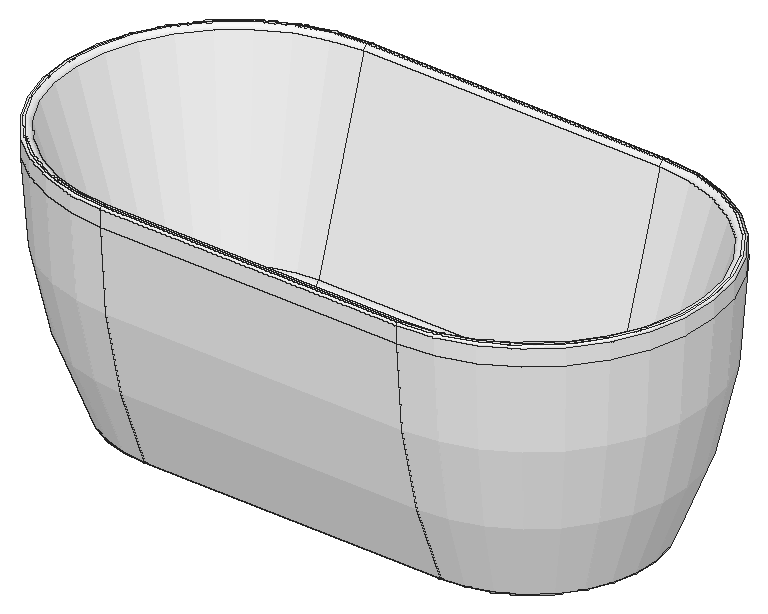
Revit family "Plum Fix_Bath_Argent_Nova 1500 Oval Freestanding", category Plumbing Fixtures, Revit 2016
Family settings
  Part Type = Normal
  Round Connector Dimension = Use Diameter
  OmniClass Number = 23.45.05.14.21
  OmniClass Title = Bathtubs
  Work Plane-Based = No
  Always vertical = Yes
  Cut with Voids When Loaded = Yes
  Shared = No
  Room Calculation Point = No
Parameters (values of type "White")
  Waste Connection = yes
  WFU = 0
  Vent Connection = no
  URL = "https://www.argentaust.com.au/"
  Type Comments = "White Gloss Finish"
  ModifiedIssue_ANZRS = 20190503
  Model = "FS836815"  # constant formula
  Manufacturer_URL__Product Specific = "https://www.argentaust.com.au/argent-baths-freestanding-nova-1500-oval-freestanding-bath?item=9903"
  Manufacturer_Spec Code = Model  # "FS836815"
  Manufacturer_Overall Width = 1500 mm  # constant formula
  Manufacturer_Overall Height = 600 mm  # constant formula
  Manufacturer_Overall Depth = 800 mm  # constant formula
  Manufacturer_Height From FFL [instance] = 0 mm
  Manufacturer = "Argent"  # constant formula
  Keynote = ""
  HWFU = 0
  HW Connection = no
  Description = "Nova 1500 Oval FS Bath N OF"  # constant formula
  CreatedBy_ANZRS = "IGS BIM Solutions"  # constant formula
  CreatedByURL_ANZRS = "https://igsgroup.com.au/"
  Cost = 0
  CWFU = 0
  CW Connection = no
  Body Material = z_Argent_Ceramic White
  Assembly Code = ""
Reference planes
  plane 1 "Ref. Level": z = 0
  plane 2 "Center (Left/Right)": x = -4.48
  plane 3 "Left": x = -754.48
  plane 4 "Right": x = 745.52
  plane 5 "Center (Front/Back)": y = -400.5
  plane 6 "Back": y = -0.5
  plane 7 "Bottom": z = 0
  plane 8 "Front": y = -800.5
  plane 9 "Top": z = 600
  plane 10 "Bottom Offset": z = 145
Forms (mm)
  Sweep 1, solid, material "z_Argent_Ceramic White" <- "Body Material"
    path origin (0, 0, 0) x (0, -1, 0) y (-1, 0, 0)
      loop
        line (0.5, 354.48) -> (0.5, -345.52)
        arc (0.5, -345.52) -> (400.5, -745.52) -> (800.5, -345.52) r 400
        line (800.5, -345.52) -> (800.5, 354.48)
        arc (800.5, 354.48) -> (400.5, 754.48) -> (0.5, 354.48) r 400
    profile origin (-4.48, -0.5, 0) x (0, 1, 0) y (0, 0, 1)
      loop
        line (-5, 600) -> (-9.474, 600)
        arc (-9.474, 600) -> (-17.901, 597.409) -> (-23.417, 590.532) r 15
        arc (-23.417, 590.532) -> (-98.084, 379.895) -> (-156.962, 164.311) r 3018.597
        arc (-156.962, 164.311) -> (-165.769, 150.414) -> (-181.306, 145) r 25
        line (-181.306, 145) -> (-300.786, 145) -> (-300.786, 0) -> (-133.592, 0)
        arc (-133.592, 0) -> (-130.951, 0.755) -> (-129.107, 2.791) r 5
        arc (-129.107, 2.791) -> (-32.703, 272.545) -> (0, 557.135) r 1254.645
        line (0, 557.135) -> (0, 595)
        arc (0, 595) -> (-1.464, 598.536) -> (-5, 600) r 5
  Extrusion 2, solid, material "z_Argent_Ceramic White" <- "Body Material"
    sketch origin (0, 0, 0) x (0, -1, 0) y (1, 0, 0)
      loop
        line (499.714, -354.48) -> (499.714, 345.52)
        arc (499.714, 345.52) -> (400.5, 444.734) -> (301.286, 345.52) r 99.214
        line (301.286, 345.52) -> (301.286, -354.48)
        arc (301.286, -354.48) -> (400.5, -453.694) -> (499.714, -354.48) r 99.214
    from 0 to 145
  Revolve 3, void
    sketch origin (4267.2, -400.5, 2852.183) x (0, 0, 1) y (1, 0, 0)
      loop
        line (-2852.183, -4271.68) -> (-2852.183, -4296.68) -> (-2723.683, -4296.68)
        arc (-2723.683, -4296.68) -> (-2722.623, -4297.119) -> (-2722.183, -4298.18) r 1.5
        line (-2722.183, -4298.18) -> (-2722.183, -4305.65)
        arc (-2722.183, -4305.65) -> (-2719.254, -4312.721) -> (-2712.183, -4315.65) r 10
        line (-2712.183, -4315.65) -> (-2708.214, -4315.65)
        arc (-2708.214, -4315.65) -> (-2707.485, -4315.952) -> (-2707.183, -4316.68) r 1.03
        line (-2707.183, -4316.68) -> (-2707.183, -4271.68) -> (-2852.183, -4271.68)
      axis (-2707.183, -4271.68) -> (-2852.183, -4271.68)
    angle from 0 to 360
Cuts and joins
  Revolve 3 cuts Sweep 1
  Revolve 3 cuts Extrusion 2
  joined: Sweep 1, Extrusion 2
Lines and regions (mm)
  Masking region 1
    outline origin (745.52, 0, 0) x (0, 1, 0) y (0, 0, 1)
      loop
        line (-800.5, 600) -> (-800.5, 557.135)
        arc (-800.5, 557.135) -> (-767.797, 272.545) -> (-671.393, 2.791) r 1254.645
        arc (-671.393, 2.791) -> (-669.549, 0.755) -> (-666.908, 0) r 5
        line (-666.908, 0) -> (-134.092, 0)
        arc (-134.092, 0) -> (-131.451, 0.755) -> (-129.607, 2.791) r 5
        arc (-129.607, 2.791) -> (-33.203, 272.545) -> (-0.5, 557.135) r 1254.645
        line (-0.5, 557.135) -> (-0.5, 600) -> (-800.5, 600)
  Masking region 2
    outline origin (0, -800.5, 0) x (0, 0, 1) y (-1, 0, 0)
      loop
        line (0, 620.888) -> (0, -611.928)
        arc (0, -611.928) -> (0.755, -614.569) -> (2.791, -616.413) r 5
        arc (2.791, -616.413) -> (272.545, -712.817) -> (557.135, -745.52) r 1254.645
        line (557.135, -745.52) -> (595, -745.52)
        arc (595, -745.52) -> (598.536, -744.056) -> (600, -740.52) r 5
        line (600, -740.52) -> (600, 749.48)
        arc (600, 749.48) -> (598.536, 753.016) -> (595, 754.48) r 5
        line (595, 754.48) -> (557.135, 754.48)
        arc (557.135, 754.48) -> (272.545, 721.777) -> (2.791, 625.373) r 1254.645
        arc (2.791, 625.373) -> (0.755, 623.529) -> (0, 620.888) r 5
  Masking region 3
    outline origin (0, 0, 600) x (0, 1, 0) y (-1, 0, 0)
      loop
        arc (-0.5, 354.48) -> (-400.5, 754.48) -> (-800.5, 354.48) r 400
        line (-800.5, 354.48) -> (-800.5, -345.52)
        arc (-800.5, -345.52) -> (-400.5, -745.52) -> (-0.5, -345.52) r 400
        line (-0.5, -345.52) -> (-0.5, 354.48)
  symbolic lines, style "Basins/Sinks/Tubs", detail levels fine
    curve 1: arc (-354.48, -791, 600) -> (-744.98, -400.5, 600) -> (-354.48, -10, 600) r 390.5
    curve 2: line (-354.48, -10, 600) -> (345.52, -10, 600)
    curve 3: arc (345.52, -10, 600) -> (736.02, -400.5, 600) -> (345.52, -791, 600) r 390.5
    curve 4: line (345.52, -791, 600) -> (-354.48, -791, 600)
    curve 6: circle (-4.48, -400.5, 600) r 45 normal (0, 0, -1)
  symbolic lines, style "Basins/Sinks/Tubs", detail levels medium+fine
    curve 5: circle (-4.48, -400.5, 600) r 25 normal (0, 0, -1)
Text (mm)
  text "Disclaimer:\n\nDue to ongoing product development and manufacturing evolution, product details are subject to change without notice. Please refer to product technical data sheets on the manufacturer’s website for the most current product information. Please allow a +/- 5mm manufacturing tolerance for dimensions and set-outs shown in product literature." at (996.704, -230.497, 0), in view "Ref. Level_Instruction"
Dimensions and locks
  "Manufacturer_Overall Height": plane 9 "Top" to plane 7 "Bottom"
  equal spacing: plane 3 "Left", plane 2 "Center (Left/Right)", plane 4 "Right"
  "Manufacturer_Overall Width": plane 3 "Left" to plane 4 "Right"
  "Manufacturer_Overall Depth": plane 8 "Front" to plane 6 "Back"
  equal spacing: plane 8 "Front", plane 5 "Center (Front/Back)", plane 6 "Back"
  "Manufacturer_Height From FFL": plane 7 "Bottom" to level
  locked: plane 10 "Bottom Offset" to plane 7 "Bottom" at 145
  aligned and locked: plane 7 "Bottom" to Sweep 1 sketch curve
  aligned and locked: Sweep 1 sketch curve to plane 6 "Back"
  aligned and locked: Extrusion 2 sketch curve to Sweep 1  (x2)
  aligned and locked: plane 7 "Bottom" to Extrusion 2
  aligned and locked: Sweep 1 to Extrusion 2
  aligned and locked: Revolve 3 sketch curve to plane 2 "Center (Left/Right)"
  aligned and locked: plane 7 "Bottom" to Revolve 3 sketch curve
  aligned and locked: plane 9 "Top" to Sweep 1 sketch curve
  aligned and locked: plane 10 "Bottom Offset" to Sweep 1 sketch curve
Automatic sketch dimensions
  Sweep 1 sketch curve to plane 6 "Back" = 0 mm
  Sweep 1 sketch curve to plane 5 "Center (Front/Back)" = 0 mm
  plane 4 "Right" to Sweep 1 sketch curve = 400 mm
  Sweep 1 sketch curve to plane 3 "Left" = 400 mm
  Sweep 1 sketch curve to Sweep 1 sketch curve = 5 mm  (x2)
  profile plane to Sweep 1 sketch curve = 9.474 mm
  profile plane to Sweep 1 sketch curve = 133.592 mm
  Sweep 1 sketch curve to Sweep 1 sketch curve = 47.714 mm
  Sweep 1 sketch curve to Sweep 1 sketch curve = 119.48 mm
  plane 7 "Bottom" to Sweep 1 sketch curve = 522.636 mm
  Sweep 1 sketch curve to profile plane = 2782.432 mm
  Sweep 1 sketch curve to Sweep 1 sketch curve = 25 mm
  Sweep 1 sketch curve to Sweep 1 sketch curve = 10 mm
  Sweep 1 sketch curve to Sweep 1 sketch curve = 0 mm  (x2)
  Sweep 1 sketch curve to plane 7 "Bottom" = 2.791 mm
  Masking region 2 sketch curve to plane 7 "Bottom" = 0 mm
  Masking region 2 sketch curve to plane 3 "Left" = 0 mm
  Masking region 2 sketch curve to plane 4 "Right" = 0 mm
  Masking region 2 sketch curve to plane 9 "Top" = 0 mm
  Masking region 2 sketch curve to plane 4 "Right" = 133.592 mm
  Masking region 2 sketch curve to Masking region 2 sketch curve = 5 mm  (x3)
  Masking region 2 sketch curve to plane 7 "Bottom" = 5 mm
  plane 9 "Top" to Masking region 2 sketch curve = 42.865 mm  (x2)
  Masking region 2 sketch curve to Masking region 2 sketch curve = 240.355 mm  (x2)
  plane 3 "Left" to Masking region 2 sketch curve = 133.592 mm
  plane 8 "Front" to Masking region 3 sketch curve = 0 mm
  Masking region 3 sketch curve to plane 5 "Center (Front/Back)" = 0 mm
  plane 2 "Center (Left/Right)" to Masking region 3 sketch curve = 350 mm
  Masking region 3 sketch curve to plane 2 "Center (Left/Right)" = 350 mm
  curve 5 to curve 6 = 0 mm  (x2)
  curve 3 to plane 5 "Center (Front/Back)" = 0 mm
  curve 6 to plane 2 "Center (Left/Right)" = 0 mm
  curve 6 to plane 5 "Center (Front/Back)" = 0 mm
  curve 4 to plane 8 "Front" = 9.5 mm
  plane 2 "Center (Left/Right)" to curve 2 = 350 mm
  curve 4 to plane 2 "Center (Left/Right)" = 350 mm
  Masking region 1 sketch curve to plane 8 "Front" = 0 mm
  plane 7 "Bottom" to Masking region 1 sketch curve = 0 mm
  Masking region 1 sketch curve to plane 6 "Back" = 0 mm
  plane 9 "Top" to Masking region 1 sketch curve = 0 mm
  plane 9 "Top" to Masking region 1 sketch curve = 42.865 mm  (x2)
  Masking region 1 sketch curve to Masking region 1 sketch curve = 454.645 mm  (x2)
  Masking region 1 sketch curve to plane 8 "Front" = 133.592 mm
  Masking region 1 sketch curve to plane 7 "Bottom" = 5 mm  (x2)
  Masking region 1 sketch curve to plane 6 "Back" = 133.592 mm
  Revolve 3 sketch curve to plane 10 "Bottom Offset" = 0 mm
  Revolve 3 sketch curve to plane 2 "Center (Left/Right)" = 0 mm
  plane 10 "Bottom Offset" to Revolve 3 sketch curve = 16.5 mm
  Revolve 3 sketch curve to Revolve 3 sketch curve = 1.5 mm
  plane 10 "Bottom Offset" to Revolve 3 sketch curve = 5 mm
  plane 10 "Bottom Offset" to Revolve 3 sketch curve = 1.03 mm
  Revolve 3 sketch curve to plane 2 "Center (Left/Right)" = 25 mm
  Revolve 3 sketch curve to Revolve 3 sketch curve = 7.47 mm
  Revolve 3 sketch curve to Revolve 3 sketch curve = 34.494 mm
  Revolve 3 sketch curve to Revolve 3 sketch curve = 163.693 mm
  radius of curve 5 = 25 mm
  radius of curve 6 = 45 mm
Connectors
  piping at (-4.48, -400.5, 0), diameter 50
    settings: on cut or joined group of Sweep 1, Extrusion 2, Revolve 3, index 1, connector inside diameter 609.6 mm, connector length 0 mm, flow factor 0, pipe flow 0.000 L/s, pressure drop 0.0 Pa, fitting loss kfactor 0, connector angle 0.00°, fixture units 0, engagement length 0 mm, angle of deflection 0.00°, flow configuration 2, flow direction 2, fitting loss method 4, system type 16, joint type 0, gender type 0, connector reference index -1, connector utility 0, adjustable connector no, is connector primary yes, connector description "Waste Outlet"
